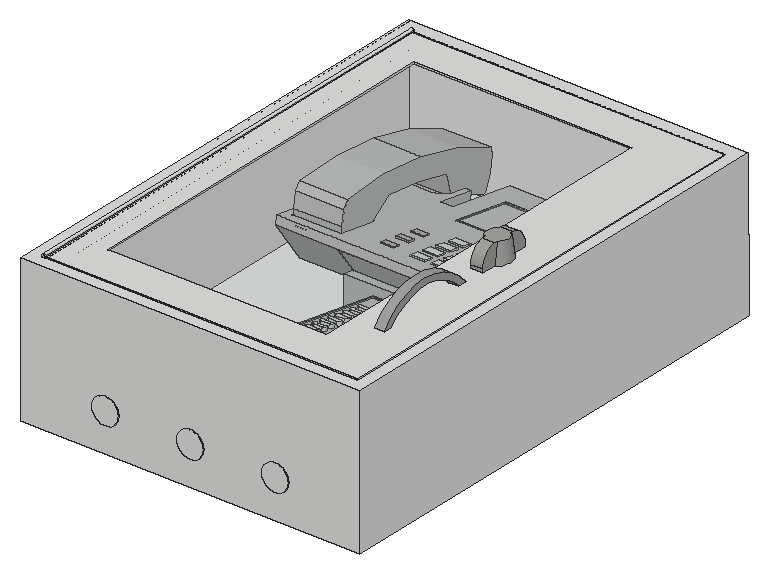
Revit family "Electronics_Communication_Talkaphone_AOR-40-Station-IP-Command-Unit", category Telephone Devices, host Face, Revit 2020
Family settings
  Host = Face
  Maintain Annotation Orientation = No
  Round Connector Dimension = Use Diameter
  Part Type = Normal
  OmniClass Number = 23.37.27.17
  OmniClass Title = Emergency Call Equipment
  Cut with Voids When Loaded = No
  Shared = No
  Room Calculation Point = No
Parameters (values of type "40-Station IP Command Unit")
  Wiring = "Minimum Cat5e. If required, fire resistive CI/CIC Ethernet cable is supported."
  Width = 14"  # constant formula
  Warranty = "5-year limited warranty"
  Voltage = 120 V  # constant formula
  Visible Door [instance] = yes
  URL = "https://www.talkaphone.com/"
  Supervision Relay = "IP Supervisor (Model AOR-IP-SUP) provides an SPST (Form 1A) output. UPS Supervisor (Model AOR-IP-UPS-SUP) provides a DPDT (Form C) output."
  Programming = "Programming and configuration through a web browser (web GUI). All programming is stored on non-volatile flash memory."
  Product data url = "https://www.bimobject.com/talkaphone/product/aor-ip-40-cu_area-of-rescue-40-station-ip-command-unit"
  Product Material = Talkaphone - Steel - White
  Product Guid = "cb99b68e-e792-4a18-9bf6-7365140e285c"
  Power Source = "120VAC, 65W. IP Command Unit, IP Supervisor, and UPS Supervisor receive power from external UPS (120VAC)."
  Power Factor = 1
  Number of Poles = 1
  Mounting = "Flush mount with optional trim ring or surface mount"
  Model = "AOR-IP-40-CU"
  Manufacturer = "Talkaphone"  # constant formula
  Keynote = "27 30 00"
  Height = 20"  # constant formula
  Fault Monitoring = "IP Supervisor (Model AOR-IP-SUP) automatically and continuously monitors for network pathway integrity for the AOR IP Stations and IP Command Unit(s). UPS Supervisor (Model AOR-IP-UPS-SUP) automatically and continuously monitors the primary power source being supplied to the uninterruptible power supply (UPS) for an IP Supervisor and either an IP Command Unit or an IP Auxiliary Command Unit."
  Environment = "For indoor use"
  Edition number = 1
  Description = "THE AOR-IP SERIES IS AN IP-BASED SYSTEM ACCOMMODATING UP TO 40 ADA-COMPLIANT AREA OF RESCUE IP CALL STATIONS. THE SYSTEM OFFERS CAPABILITY FOR MULTIPLE IP COMMAND UNITS, ON-AND OFF-PREMISE COMMUNICATION, AND IP NETWORK SUPERVISION."
  Depth = 6"  # constant formula
  Default Elevation = 48"
  Construction = "18 gauge, painted steel enclosure with acrylic window"
  Connectivity = "Supports up to two (2) analog trunk (PSTN) lines or up to fifty (50) SIP trunk accounts (requires SIP service and Internet connectivity provided by others) for off-site communication"
  Connection = "RJ45 Ethernet"
  Communication = "IP Command Unit receives and selectively originates calls through built-in IP phone—providing an LCD and keys with LEDs to indicate IP Call Station line status (i.e. idle, ringing, or busy)."
  Call Station Options = "Indoor Flush Mount Model: AOR-IP-CSE-FM, Indoor Surface Mount Model: AOR-IP-CSE-SM"
  Assembly Code = "D5030300"
  Apparent Load = 0 VA
  AC Input Rating = "90 ~ 264 VAC, 50-60 Hz, 65W"
Reference planes (in)
  plane 1 "Center (Front/Back)": y = 0
  plane 2: z = 0
  plane 3 "Center (Left/Right)": x = 0
Forms (in)
  Extrusion 1, solid, material "Talkaphone - Steel - White" <- "Product Material"
    sketch origin (0, 0, 0) x (1, 0, 0) y (0, 0, 1)
      loop
        line (-6.952, 0) -> (6.952, 0) -> (6.952, 0.59572) -> (-6.952, 0.59572) -> (-6.952, 0)
    from -9.952 to 9.952
  Extrusion 2, solid, material "Talkaphone - Steel - White" <- "Product Material", detail levels medium+fine
    sketch origin (0, 1, 0) x (1, 0, 0) y (0, 0, 1)
      loop
        circle (-6.44306, 6.05393) r 0.05694
    from -8.5 to 10.5
  Sweep 3, solid, material "Talkaphone - Steel - White" <- "Product Material"
    path origin (0, 0, 0) x (1, 0, 0) y (0, 1, 0)
      loop
        line (-7, 10) -> (-7, -10) -> (7, -10) -> (7, 10) -> (-7, 10)
    profile origin (0, 10, 0) x (0, 1, 0) y (0, 0, 1)
      loop
        line (-0.5, 5.503) -> (-0.452, 5.503) -> (-0.452, 5.955) -> (-0.048, 5.955) -> (-0.048, 0) -> (0, 0) -> (0, 6.003) -> (-0.5, 6.003) -> (-0.5, 5.503)
  Extrusion 4, solid, material "Talkaphone - Steel - White" <- "Product Material"
    sketch origin (0, 0, 0) x (1, 0, 0) y (0, 1, 0)
      loop
        line (6.952, 6.825) -> (5.75, 6.825) -> (5.75, 3.875) -> (6.25523, 3.875) -> (6.25523, 3.325) -> (6.952, 3.325) -> (6.952, 6.825)
    from 1.25 to 3.75
  Extrusion 5, solid, material "Talkaphone - Steel - White" <- "Product Material"
    sketch origin (0, 0, 0) x (1, 0, 0) y (0, 0, 1)
      loop
        line (5.998, 5.421) -> (5.998, 5.373) -> (6.548, 5.373) -> (6.548, 5.503) -> (6.5, 5.503) -> (6.5, 5.421) -> (5.998, 5.421)
    from -9.495 to 9.495
  Extrusion 6, solid, material "Talkaphone - Steel - White" <- "Product Material"
    sketch origin (0, 0, 0) x (1, 0, 0) y (0, 0, 1)
      loop
        circle (-3.5, 1.578) r 0.54578
      loop
        circle (0, 1.578) r 0.54578
      loop
        circle (3.5, 1.578) r 0.54578
    from 9.952 to 10
  Extrusion 7, solid, material "Talkaphone - Steel - White" <- "Product Material"
    sketch origin (0, 0, 0) x (1, 0, 0) y (0, 1, 0)
      loop
        circle (-3.5, -6.00315) r 0.54578
      loop
        circle (0, -6.00315) r 0.54578
      loop
        circle (3.5, -6.00315) r 0.54578
    from 0 to 0.048
  Extrusion 8, solid, material "Talkaphone - Plastic - Clear plastic", visible <- "Visible Door"
    sketch origin (0, 0, 0) x (1, 0, 0) y (0, 1, 0)
      loop
        line (-5.76112, 8.8125) -> (-5.76112, -8.6875) -> (4.48888, -8.6875) -> (4.48888, 8.8125) -> (-5.76112, 8.8125)
    from 5.95598 to 5.86672
  Extrusion 9, solid, material "Talkaphone - Steel - White" <- "Product Material", visible <- "Visible Door"
    sketch origin (0, 0, 0) x (1, 0, 0) y (0, 1, 0)
      loop
        line (-6.33812, -9.3895) -> (6.41588, -9.3895) -> (6.41588, 9.3895) -> (-6.33812, 9.3895) -> (-6.33812, -9.3895)
      loop
        line (-5.13612, 7.9375) -> (-5.13612, -7.8125) -> (3.86388, -7.8125) -> (3.86388, 7.9375) -> (-5.13612, 7.9375)
    from 6.00398 to 5.95598
  Sweep 10, solid, material "Talkaphone - Steel - White" <- "Product Material", visible <- "Visible Door"
    path origin (0, 0, 0) x (1, 0, 0) y (0, 1, 0)
      loop
        line (-6.38612, 9.4375) -> (-6.38612, -9.4375) -> (6.46388, -9.4375) -> (6.46388, 9.4375) -> (-6.38612, 9.4375)
    profile origin (0.03888, 9.4375, 0) x (0, 1, 0) y (0, 0, 1)
      loop
        line (0, 5.50398) -> (0, 6.00398) -> (-0.048, 6.00398) -> (-0.048, 5.50398) -> (0, 5.50398)
  Revolve 11, solid, material "Talkaphone - Plastic - Grey_RAL 9007", visible <- "Visible Door", detail levels fine
    sketch origin (4.97748, 0.00002, 0.00204) x (0, 1, 0) y (0, 0, 1)
      loop
        line (-0.375, 6.83745) -> (-0.375, 4.94278) -> (-0.15059, 4.94278) -> (-0.15059, 5.1398) -> (-0.00098, 5.1398) -> (-0.00098, 6.00398) -> (0.16657, 6.00398) -> (0.06842, 6.83745) -> (-0.375, 6.83745)
      axis (-0.375, 4.94278) -> (-0.375, 6.83745)
    angle from 0 to 360
  Extrusion 12, solid, material "Talkaphone - Plastic - Grey_RAL 9007", visible <- "Visible Door", detail levels fine
    sketch origin (0, -2.95536, 0.00204) x (0, 1, 0) y (0, 0, 1)
      loop
        line (1.48978, 6.00398) -> (3.67097, 6.00398) -> (3.67097, 6.12912)
        arc (3.67097, 6.12912) -> (3.48481, 6.60885) -> (3.0238, 6.83745) r 0.71121
        line (3.0238, 6.83745) -> (2.13696, 6.83745)
        arc (2.13696, 6.83745) -> (1.67594, 6.60885) -> (1.48978, 6.12912) r 0.71121
        line (1.48978, 6.12912) -> (1.48978, 6.00398)
    from 4.7338 to 5.22872
  Extrusion 13, solid, material "Talkaphone - Plastic - Grey_RAL 9007", visible <- "Visible Door", detail levels fine
    sketch origin (-13.3426, -62.95536, 6.00601) x (-1, 0, 0) y (0, -1, 0)
      loop
        line (-20.10977, -62.98386) -> (-18.68983, -62.98386) -> (-18.29142, -62.95329)
        arc (-18.29142, -62.95329) -> (-17.94606, -62.58036) -> (-18.29146, -62.20746) r 0.37402
        line (-18.29146, -62.20746) -> (-18.68983, -62.17689) -> (-20.10977, -62.17689) -> (-20.10977, -62.98386)
    from -0.86417 to -0.70669
  Extrusion 14, solid, material "Talkaphone - Plastic - Grey_RAL 9007", visible <- "Visible Door", detail levels fine
    sketch origin (0, -2.95536, 0.00204) x (0, 1, 0) y (0, 0, 1)
      loop
        line (-3.50691, 6.00194) -> (-3.17594, 6.00194)
        arc (-3.17594, 6.00194) -> (-1.42923, 6.80339) -> (0.31747, 6.00194) r 2.30414
        line (0.31747, 6.00194) -> (0.64844, 6.00194)
        arc (0.64844, 6.00194) -> (-1.42923, 7.06339) -> (-3.50691, 6.00194) r 2.56414
    from 4.78629 to 5.18536
Cuts and joins
  joined: Extrusion 9, Sweep 10
  joined: Revolve 11, Extrusion 12
  joined: Extrusion 1, Sweep 3
Lines and regions (in)
  Masking region 1
    outline origin (0, 0, 0) x (1, 0, 0) y (0, 0, 1)
      loop
        line (-7, 6.003) -> (-7, 0) -> (7, 0) -> (7, 6.003) -> (-7, 6.003)
  Masking region 2, visible <- "Visible Door", detail levels medium+fine
    outline origin (0, 0, 0) x (1, 0, 0) y (0, 0, 1)
      loop
        line (4.78629, 6.003) -> (5.18536, 6.003) -> (5.18536, 7.06339) -> (4.78629, 7.06339) -> (4.78629, 6.003)
  Masking region 3, visible <- "Visible Door", detail levels medium+fine
    outline origin (0, 0, 0) x (1, 0, 0) y (0, 0, 1)
      loop
        line (4.78629, 6.83858) -> (4.53475, 6.83858) -> (4.4249, 6.003) -> (4.78629, 6.003) -> (4.78629, 6.83858)
      loop
        line (5.18536, 6.83858) -> (5.18536, 6.003) -> (5.54441, 6.003) -> (5.43456, 6.83858) -> (5.18536, 6.83858)
  model lines
    curve 1: line (-6.50154, 0, 6.05393) -> (-6.38612, 0, 6.05393)
    curve 2: line (-6.44383, 0, 5.997) -> (-6.44383, 0, 6.11087)
Dimensions and locks (in)
  aligned and locked: plane 2 to host face
  aligned and locked: level to host face
Nested families (in)
  nested 1: "Panel" at (2.00219, -4.73419, 0.59572), type "Panel"
    with Screen material Talkaphone - Plastic - Clear plastic, Panel box material Talkaphone - Plastic - Grey_RAL 9006, Key 2 material Talkaphone - Plastic - Grey_RAL 9007, Key 1 material Talkaphone - Plastic - Grey_RAL 7035, Frame material Talkaphone - Plastic - Grey_RAL 9006
  nested 2: "Phone" at (-0.09398, 4.63829, 0.59572), type "Phone"
    with Screen material Talkaphone - Plastic - Clear plastic, Phone material Talkaphone - Plastic - Grey_RAL 9006, Key 2 material Talkaphone - Plastic - Grey_RAL 9007, Key 1 material Talkaphone - Plastic - Grey_RAL 7035
Connectors (in)
  electrical at (0.59055, 3.33052, 0.59572)
    settings: on nested 2, index 1, voltage 0 V, apparent load 0 VA, apparent load phase1 0 VA, apparent load phase2 0 VA, apparent load phase3 0 VA, power factor 1, load classification "Other", number of poles 1, system type 14, power factor state 1, is connector primary no, connector utility no, sub classification motor no, connector description "Communication Connector"
  electrical at (0, 0, 0), driven by "Apparent Load", driven by "Apparent Load", driven by "Apparent Load", driven by "Number of Poles", driven by "Voltage", driven by "Power Factor"
    settings: on cut or joined group of Extrusion 1, Sweep 3, index 2, voltage 120 V, apparent load 0 VA, apparent load phase1 0 VA, apparent load phase2 0 VA, apparent load phase3 0 VA, power factor 1, load classification "Power", number of poles 1, system type 31, power factor state 1, is connector primary yes, connector utility no, sub classification motor no, connector description "Power Connector"
Definition of nested family "Panel"
  Parameters (values of type "Panel")
    Screen material [instance] = none
    Panel box material [instance] = none
    Key 2 material [instance] = none
    Key 1 material [instance] = none
    Frame material [instance] = none
    Default Elevation = 48"
  Reference planes (in)
    plane 1 "Center (Front/Back)": y = 0
    plane 2: z = 0
    plane 3 "Center (Left/Right)": x = 0
  Forms (in)
    Extrusion 1, solid, material <- "Panel box material", detail levels medium+fine
      sketch origin (-15.87299, 8.07746, -6.96779) x (1, 0, 0) y (0, 0.985055, -0.17224)
        loop
          line (18.33362, -4.83883) -> (13.41236, -4.83883) -> (13.41236, -13.10654) -> (18.33362, -13.10654) -> (18.33362, -4.83883)
      from 7.83742 to 8.17526
    Blend 2, solid, material <- "Panel box material", detail levels medium+fine
      base sketch origin (-15.87299, 8.07746, -6.96779) x (1, 0, 0) y (0, 0.985055, -0.17224)
        loop
          line (14.39661, -5.82308) -> (14.39661, -12.12229) -> (17.34937, -12.12229) -> (17.34937, -5.82308) -> (14.39661, -5.82308)
      top sketch origin (-15.87299, 8.07746, -6.96779) x (1, 0, 0) y (0, 0.985055, -0.17224)
        loop
          line (18.33362, -4.83883) -> (13.41236, -4.83883) -> (13.41236, -13.10654) -> (18.33362, -13.10654) -> (18.33362, -4.83883)
      from 6.85997 to 7.83742
    Extrusion 3, void
      sketch origin (-15.87299, 8.07746, -6.96779) x (1, 0, 0) y (0, 0.985055, -0.17224)
        loop
          line (13.47142, -10.73521) -> (18.27457, -10.73521) -> (18.27457, -4.90844) -> (13.47142, -4.90844) -> (13.47142, -10.73521)
      from 8.13715 to 8.26759
    Extrusion 4, solid, material <- "Key 2 material", detail levels fine
      sketch origin (-15.87299, 8.07746, -6.96779) x (1, 0, 0) y (0, 0.985055, -0.17224)
        loop
          line (15.51118, -11.5908) -> (15.21118, -11.5908)
          arc (15.21118, -11.5908) -> (15.0537, -11.74828) -> (15.21118, -11.90576) r 0.15748
          line (15.21118, -11.90576) -> (15.51118, -11.90576)
          arc (15.51118, -11.90576) -> (15.66866, -11.74828) -> (15.51118, -11.5908) r 0.15748
        loop
          line (16.2348, -11.90576) -> (16.5348, -11.90576)
          arc (16.5348, -11.90576) -> (16.69228, -11.74828) -> (16.5348, -11.5908) r 0.15748
          line (16.5348, -11.5908) -> (16.2348, -11.5908)
          arc (16.2348, -11.5908) -> (16.07732, -11.74828) -> (16.2348, -11.90576) r 0.15748
      from 8.17652 to 8.30152
    Extrusion 5, void
      sketch origin (-15.87299, 8.07746, -6.96779) x (1, 0, 0) y (0, 0.985055, -0.17224)
        loop
          line (14.79031, -6.13804) -> (14.79031, -9.91773) -> (16.95567, -9.91773) -> (16.95567, -6.13804) -> (14.79031, -6.13804)
      from 8.11672 to 8.26215
    Extrusion 6, solid, material <- "Frame material", detail levels medium+fine
      sketch origin (-15.87299, 8.07746, -6.96779) x (1, 0, 0) y (0, 0.985055, -0.17224)
        loop
          line (14.74799, -11.40454) -> (16.99799, -11.40454) -> (16.99799, -8.40454) -> (14.74799, -8.40454) -> (14.74799, -11.40454)
        loop
          line (18.37299, -13.07654) -> (18.37299, -10.32654) -> (17.49799, -10.32654) -> (17.49799, -10.15559) -> (17.44999, -10.15559) -> (17.44999, -5.65454) -> (14.29599, -5.65454) -> (14.29599, -10.15559) -> (14.24799, -10.15559) -> (14.24799, -10.32654) -> (13.37299, -10.32654) -> (13.37299, -13.07654) -> (18.37299, -13.07654)
      from 6.80962 to 6.85762
    Extrusion 7, solid, material <- "Frame material", detail levels medium+fine
      sketch origin (-15.87299, 8.07746, -6.96779) x (0, 0.985055, -0.17224) y (0, 0.17224, 0.985055)
        loop
          line (-13.15454, 8.30962) -> (-13.15454, 6.80962) -> (-13.10654, 6.80962) -> (-13.10654, 8.26162) -> (-12.27954, 8.26162) -> (-12.27954, 8.30962) -> (-13.15454, 8.30962)
      from 14.24799 to 17.49799
    Extrusion 8, void
      sketch origin (-15.87299, 8.07746, -6.96779) x (1, 0, 0) y (0, 0.985055, -0.17224)
        loop
          line (14.20562, -12.91373) -> (14.88988, -12.22946) -> (16.8561, -12.22946) -> (17.55207, -12.92543) -> (17.55207, -12.13803) -> (14.20562, -12.13803) -> (14.20562, -12.91373)
      from 8.22357 to 8.34912
    Extrusion 9, solid, material <- "Frame material", detail levels medium+fine
      sketch origin (15.87299, 8.07746, -6.96779) x (-1, 0, 0) y (0, -0.17224, -0.985055)
        loop
          line (18.42099, -8.05962) -> (18.42099, -6.80962) -> (18.37299, -6.80962) -> (18.37299, -8.05962) -> (18.42099, -8.05962)
      from 13.07654 to 10.32654
    Extrusion 10, solid, material <- "Key 1 material", detail levels fine
      sketch origin (-15.87299, 8.07896, -6.96826) x (1, 0, 0) y (0, 0.985049, -0.172273)
        loop
          line (14.21728, -5.97898) -> (13.86728, -5.97898)
          arc (13.86728, -5.97898) -> (13.76728, -6.07898) -> (13.86728, -6.17898) r 0.1
          line (13.86728, -6.17898) -> (14.21728, -6.17898)
          arc (14.21728, -6.17898) -> (14.31728, -6.07898) -> (14.21728, -5.97898) r 0.1
        loop
          line (14.21728, -6.37269) -> (13.86728, -6.37269)
          arc (13.86728, -6.37269) -> (13.76728, -6.47269) -> (13.86728, -6.57269) r 0.1
          line (13.86728, -6.57269) -> (14.21728, -6.57269)
          arc (14.21728, -6.57269) -> (14.31728, -6.47269) -> (14.21728, -6.37269) r 0.1
        loop
          line (14.21728, -6.76639) -> (13.86728, -6.76639)
          arc (13.86728, -6.76639) -> (13.76728, -6.86639) -> (13.86728, -6.96639) r 0.1
          line (13.86728, -6.96639) -> (14.21728, -6.96639)
          arc (14.21728, -6.96639) -> (14.31728, -6.86639) -> (14.21728, -6.76639) r 0.1
        loop
          line (14.21728, -7.16009) -> (13.86728, -7.16009)
          arc (13.86728, -7.16009) -> (13.76728, -7.26009) -> (13.86728, -7.36009) r 0.1
          line (13.86728, -7.36009) -> (14.21728, -7.36009)
          arc (14.21728, -7.36009) -> (14.31728, -7.26009) -> (14.21728, -7.16009) r 0.1
        loop
          line (14.21728, -7.55379) -> (13.86728, -7.55379)
          arc (13.86728, -7.55379) -> (13.76728, -7.65379) -> (13.86728, -7.75379) r 0.1
          line (13.86728, -7.75379) -> (14.21728, -7.75379)
          arc (14.21728, -7.75379) -> (14.31728, -7.65379) -> (14.21728, -7.55379) r 0.1
        loop
          line (14.21728, -7.94749) -> (13.86728, -7.94749)
          arc (13.86728, -7.94749) -> (13.76728, -8.04749) -> (13.86728, -8.14749) r 0.1
          line (13.86728, -8.14749) -> (14.21728, -8.14749)
          arc (14.21728, -8.14749) -> (14.31728, -8.04749) -> (14.21728, -7.94749) r 0.1
        loop
          line (14.21728, -8.34119) -> (13.86728, -8.34119)
          arc (13.86728, -8.34119) -> (13.76728, -8.44119) -> (13.86728, -8.54119) r 0.1
          line (13.86728, -8.54119) -> (14.21728, -8.54119)
          arc (14.21728, -8.54119) -> (14.31728, -8.44119) -> (14.21728, -8.34119) r 0.1
        loop
          line (14.21728, -8.73489) -> (13.86728, -8.73489)
          arc (13.86728, -8.73489) -> (13.76728, -8.83489) -> (13.86728, -8.93489) r 0.1
          line (13.86728, -8.93489) -> (14.21728, -8.93489)
          arc (14.21728, -8.93489) -> (14.31728, -8.83489) -> (14.21728, -8.73489) r 0.1
        loop
          line (14.21728, -9.12859) -> (13.86728, -9.12859)
          arc (13.86728, -9.12859) -> (13.76728, -9.22859) -> (13.86728, -9.32859) r 0.1
          line (13.86728, -9.32859) -> (14.21728, -9.32859)
          arc (14.21728, -9.32859) -> (14.31728, -9.22859) -> (14.21728, -9.12859) r 0.1
        loop
          line (14.21728, -9.52229) -> (13.86728, -9.52229)
          arc (13.86728, -9.52229) -> (13.76728, -9.62229) -> (13.86728, -9.72229) r 0.1
          line (13.86728, -9.72229) -> (14.21728, -9.72229)
          arc (14.21728, -9.72229) -> (14.31728, -9.62229) -> (14.21728, -9.52229) r 0.1
        loop
          line (17.86999, -5.97898) -> (17.51999, -5.97898)
          arc (17.51999, -5.97898) -> (17.41999, -6.07898) -> (17.51999, -6.17898) r 0.1
          line (17.51999, -6.17898) -> (17.86999, -6.17898)
          arc (17.86999, -6.17898) -> (17.96999, -6.07898) -> (17.86999, -5.97898) r 0.1
        loop
          line (17.86999, -6.37269) -> (17.51999, -6.37269)
          arc (17.51999, -6.37269) -> (17.41999, -6.47269) -> (17.51999, -6.57269) r 0.1
          line (17.51999, -6.57269) -> (17.86999, -6.57269)
          arc (17.86999, -6.57269) -> (17.96999, -6.47269) -> (17.86999, -6.37269) r 0.1
        loop
          line (17.86999, -6.76639) -> (17.51999, -6.76639)
          arc (17.51999, -6.76639) -> (17.41999, -6.86639) -> (17.51999, -6.96639) r 0.1
          line (17.51999, -6.96639) -> (17.86999, -6.96639)
          arc (17.86999, -6.96639) -> (17.96999, -6.86639) -> (17.86999, -6.76639) r 0.1
        loop
          line (17.86999, -7.16009) -> (17.51999, -7.16009)
          arc (17.51999, -7.16009) -> (17.41999, -7.26009) -> (17.51999, -7.36009) r 0.1
          line (17.51999, -7.36009) -> (17.86999, -7.36009)
          arc (17.86999, -7.36009) -> (17.96999, -7.26009) -> (17.86999, -7.16009) r 0.1
        loop
          line (17.86999, -7.55379) -> (17.51999, -7.55379)
          arc (17.51999, -7.55379) -> (17.41999, -7.65379) -> (17.51999, -7.75379) r 0.1
          line (17.51999, -7.75379) -> (17.86999, -7.75379)
          arc (17.86999, -7.75379) -> (17.96999, -7.65379) -> (17.86999, -7.55379) r 0.1
        loop
          line (17.86999, -7.94749) -> (17.51999, -7.94749)
          arc (17.51999, -7.94749) -> (17.41999, -8.04749) -> (17.51999, -8.14749) r 0.1
          line (17.51999, -8.14749) -> (17.86999, -8.14749)
          arc (17.86999, -8.14749) -> (17.96999, -8.04749) -> (17.86999, -7.94749) r 0.1
        loop
          line (17.86999, -8.34119) -> (17.51999, -8.34119)
          arc (17.51999, -8.34119) -> (17.41999, -8.44119) -> (17.51999, -8.54119) r 0.1
          line (17.51999, -8.54119) -> (17.86999, -8.54119)
          arc (17.86999, -8.54119) -> (17.96999, -8.44119) -> (17.86999, -8.34119) r 0.1
        loop
          line (17.86999, -8.73489) -> (17.51999, -8.73489)
          arc (17.51999, -8.73489) -> (17.41999, -8.83489) -> (17.51999, -8.93489) r 0.1
          line (17.51999, -8.93489) -> (17.86999, -8.93489)
          arc (17.86999, -8.93489) -> (17.96999, -8.83489) -> (17.86999, -8.73489) r 0.1
        loop
          line (17.86999, -9.12859) -> (17.51999, -9.12859)
          arc (17.51999, -9.12859) -> (17.41999, -9.22859) -> (17.51999, -9.32859) r 0.1
          line (17.51999, -9.32859) -> (17.86999, -9.32859)
          arc (17.86999, -9.32859) -> (17.96999, -9.22859) -> (17.86999, -9.12859) r 0.1
        loop
          line (17.86999, -9.52229) -> (17.51999, -9.52229)
          arc (17.51999, -9.52229) -> (17.41999, -9.62229) -> (17.51999, -9.72229) r 0.1
          line (17.51999, -9.72229) -> (17.86999, -9.72229)
          arc (17.86999, -9.72229) -> (17.96999, -9.62229) -> (17.86999, -9.52229) r 0.1
      from 8.13715 to 8.26215
    Extrusion 11, solid, material <- "Frame material", detail levels medium+fine
      sketch origin (0, 0, 0) x (1, 0, 0) y (0, 0, 1)
        loop
          line (1.577, 0.048) -> (1.577, 0) -> (2.452, 0) -> (2.452, 0.048) -> (1.577, 0.048)
      from -3.56386 to 1.00547
    Extrusion 12, solid, material <- "Frame material", detail levels medium+fine
      sketch origin (0, 0, 0) x (-1, 0, 0) y (0, 0, -1)
        loop
          line (1.577, -0.048) -> (2.452, -0.048) -> (2.452, 0) -> (1.577, 0) -> (1.577, -0.048)
      from -3.56386 to 1.00547
    Extrusion 13, solid, material <- "Frame material", detail levels medium+fine
      sketch origin (-15.87299, 8.07746, -6.96779) x (1, 0, 0) y (0, 0.17224, 0.985055)
        loop
          line (18.42099, 8.05962) -> (18.37299, 8.05962) -> (18.37299, 6.80962) -> (18.42099, 6.80962) -> (18.42099, 8.05962)
      from 13.07654 to 10.32654
    Extrusion 14, solid, material <- "Frame material", detail levels medium+fine
      sketch origin (0, 0, 0) x (0, 1, 0) y (0, 0, 1)
        loop
          line (-1.00547, 0.048) -> (3.56386, 0.048) -> (3.68858, 0.76128) -> (-0.74519, 1.53654) -> (-1.00547, 0.048)
      from 1.577 to 1.625
    Extrusion 15, solid, material <- "Frame material", detail levels medium+fine
      sketch origin (0, 0, 0) x (0, 1, 0) y (0, 0, -1)
        loop
          line (-1.00547, -0.048) -> (-0.74519, -1.53654) -> (3.68858, -0.76128) -> (3.56386, -0.048) -> (-1.00547, -0.048)
      from 1.577 to 1.625
  Cuts and joins
    Extrusion 3, Extrusion 5 cuts Extrusion 1
    Extrusion 8 cuts Extrusion 7
    joined: Extrusion 6, Extrusion 9, Extrusion 11, Extrusion 12, Extrusion 13, Extrusion 14, Extrusion 15
  Dimensions and locks (in)
    aligned and locked: level to plane 2
Definition of nested family "Phone"
  Parameters (values of type "Phone")
    Screen material [instance] = none
    Phone material [instance] = none
    Key 2 material [instance] = none
    Key 1 material [instance] = none
    Default Elevation = 48"
  Reference planes (in)
    plane 1 "Center (Front/Back)": y = 0
    plane 2: z = 0
    plane 3 "Center (Left/Right)": x = 0
  Forms (in)
    Extrusion 1, solid, material <- "Phone material", detail levels medium+fine
      sketch origin (-13.77953, -1.31127, -6.97425) x (1, 0, 0) y (0, 0.984795, -0.173718)
        loop
          line (18.05118, 3.79819) -> (12.06693, 3.79819) -> (12.06693, 0.84543) -> (11.55512, 0.84543) -> (11.55512, 2.42024) -> (11.29606, 2.42024) -> (11.29606, 1.73913)
          arc (11.29606, 1.73913) -> (11.14962, 1.38558) -> (10.79606, 1.23913) r 0.5
          line (10.79606, 1.23913) -> (9.79606, 1.23913)
          arc (9.79606, 1.23913) -> (9.44251, 1.38558) -> (9.29606, 1.73913) r 0.5
          line (9.29606, 1.73913) -> (9.29606, 2.42199) -> (8.99606, 2.42199) -> (8.99606, -4.46953) -> (18.56299, -4.46953) -> (18.56299, 0.84543) -> (18.05118, 0.84543) -> (18.05118, 3.79819)
        loop
          line (9.29606, -2.30417) -> (9.29606, -4.07583) -> (11.29606, -4.07583) -> (11.29606, -2.30417) -> (9.29606, -2.30417)
      from 9.08241 to 9.4559
    Blend 2, solid, material <- "Phone material", detail levels medium+fine
      base sketch origin (-13.77953, -1.31127, -6.97425) x (1, 0, 0) y (0, 0.984795, -0.173718)
        loop
          line (13.01693, 2.84819) -> (13.01693, 0.84543) -> (17.10118, 0.84543) -> (17.10118, 2.84819) -> (13.01693, 2.84819)
      top sketch origin (-13.77953, -1.31127, -6.97425) x (1, 0, 0) y (0, 0.984795, -0.173718)
        loop
          line (18.05118, 3.79819) -> (12.06693, 3.79819) -> (12.06693, 0.84543) -> (18.05118, 0.84543) -> (18.05118, 3.79819)
      from 8.13395 to 9.08241
    Blend 3, solid, material <- "Phone material", detail levels medium+fine
      base sketch origin (-13.77953, -1.31127, -6.97425) x (1, 0, 0) y (0, 0.984795, -0.173718)
        loop
          line (17.61299, -3.52071) -> (17.61299, 0.84543) -> (11.55512, 0.84543) -> (11.55512, -3.52071) -> (17.61299, -3.52071)
      top sketch origin (-13.77953, -1.31127, -6.97425) x (1, 0, 0) y (0, 0.984795, -0.173718)
        loop
          line (18.56299, 0.84543) -> (11.55512, 0.84543) -> (11.55512, -4.46953) -> (18.56299, -4.46953) -> (18.56299, 0.84543)
      from 8.13395 to 9.08241
    Blend 4, solid, material <- "Phone material", detail levels medium+fine
      base sketch origin (-13.77953, -1.31127, -6.97425) x (1, 0, 0) y (0, 0.984795, -0.173718)
        loop
          line (8.99606, 0.92024) -> (8.99606, -2.96953) -> (11.55512, -2.96953) -> (11.55512, 0.92024) -> (8.99606, 0.92024)
      top sketch origin (-13.77953, -1.31127, -6.97425) x (1, 0, 0) y (0, 0.984795, -0.173718)
        loop
          line (8.99606, -4.46953) -> (11.55512, -4.46953) -> (11.55512, 2.42199) -> (8.99606, 2.42199) -> (8.99606, -4.46953)
      from 7.57698 to 9.08241
    Extrusion 5, solid, material <- "Key 1 material", detail levels fine
      sketch origin (-13.77953, -1.31127, -6.97425) x (1, 0, 0) y (0, 0.984795, -0.173718)
        loop
          line (14.48819, -1.31992) -> (13.89764, -1.31992) -> (13.89764, -1.71362) -> (14.48819, -1.71362) -> (14.48819, -1.31992)
        loop
          line (14.48819, -1.98921) -> (13.89764, -1.98921) -> (13.89764, -2.38291) -> (14.48819, -2.38291) -> (14.48819, -1.98921)
        loop
          line (14.48819, -2.6585) -> (13.89764, -2.6585) -> (13.89764, -3.0522) -> (14.48819, -3.0522) -> (14.48819, -2.6585)
        loop
          line (14.48819, -3.32779) -> (13.89764, -3.32779) -> (13.89764, -3.7215) -> (14.48819, -3.7215) -> (14.48819, -3.32779)
        loop
          line (14.76378, -3.7215) -> (15.35433, -3.7215) -> (15.35433, -3.32779) -> (14.76378, -3.32779) -> (14.76378, -3.7215)
        loop
          line (14.76378, -3.0522) -> (15.35433, -3.0522) -> (15.35433, -2.6585) -> (14.76378, -2.6585) -> (14.76378, -3.0522)
        loop
          line (14.76378, -2.38291) -> (15.35433, -2.38291) -> (15.35433, -1.98921) -> (14.76378, -1.98921) -> (14.76378, -2.38291)
        loop
          line (14.76378, -1.71362) -> (15.35433, -1.71362) -> (15.35433, -1.31992) -> (14.76378, -1.31992) -> (14.76378, -1.71362)
        loop
          line (16.22047, -1.31992) -> (15.62992, -1.31992) -> (15.62992, -1.71362) -> (16.22047, -1.71362) -> (16.22047, -1.31992)
        loop
          line (16.22047, -1.98921) -> (15.62992, -1.98921) -> (15.62992, -2.38291) -> (16.22047, -2.38291) -> (16.22047, -1.98921)
        loop
          line (16.22047, -2.6585) -> (15.62992, -2.6585) -> (15.62992, -3.0522) -> (16.22047, -3.0522) -> (16.22047, -2.6585)
        loop
          line (16.22047, -3.32779) -> (15.62992, -3.32779) -> (15.62992, -3.7215) -> (16.22047, -3.7215) -> (16.22047, -3.32779)
      from 9.4559 to 9.50114
    Extrusion 6, solid, material <- "Key 2 material", detail levels fine
      sketch origin (-13.77953, -1.31127, -6.97425) x (1, 0, 0) y (0, 0.984795, -0.173718)
        loop
          line (13.13976, -1.77268) -> (12.60827, -1.77268) -> (12.60827, -2.04827) -> (13.13976, -2.04827) -> (13.13976, -1.77268)
        loop
          line (13.13976, -2.56008) -> (12.60827, -2.56008) -> (12.60827, -2.83567) -> (13.13976, -2.83567) -> (13.13976, -2.56008)
        loop
          line (13.13976, -3.34748) -> (12.60827, -3.34748) -> (12.60827, -3.62307) -> (13.13976, -3.62307) -> (13.13976, -3.34748)
        loop
          line (17.47047, -1.77268) -> (16.93898, -1.77268) -> (16.93898, -2.04827) -> (17.47047, -2.04827) -> (17.47047, -1.77268)
        loop
          line (17.47047, -2.56008) -> (16.93898, -2.56008) -> (16.93898, -2.83567) -> (17.47047, -2.83567) -> (17.47047, -2.56008)
        loop
          line (17.47047, -3.34748) -> (16.93898, -3.34748) -> (16.93898, -3.62307) -> (17.47047, -3.62307) -> (17.47047, -3.34748)
      from 9.4559 to 9.50114
    Extrusion 7, void
      sketch origin (-13.77953, -1.31127, -6.97425) x (1, 0, 0) y (0, 0.984795, -0.173718)
        loop
          line (12.87368, 2.55903) -> (12.87368, -0.05003) -> (17.25439, -0.05003) -> (17.25439, 2.55903) -> (12.87368, 2.55903)
      from 9.40403 to 9.50114
    Extrusion 8, solid, material <- "Phone material", detail levels medium+fine
      sketch origin (-13.77953, -1.31127, -6.97425) x (0, 0.984795, -0.173718) y (0, 0.173718, 0.984795)
        loop
          arc (-0.13288, 11.17075) -> (-2.02473, 11.01801) -> (-3.87117, 10.57866) r 12.41369
          line (-3.87117, 10.57866) -> (-4.01795, 10.26389) -> (-4.01795, 9.6551) -> (-3.91038, 9.10171)
          arc (-3.91038, 9.10171) -> (-3.84693, 9.00856) -> (-3.73575, 8.99006) r 0.14338
          line (-3.73575, 8.99006) -> (-2.51867, 9.28666) -> (-1.66022, 10.20723)
          arc (-1.66022, 10.20723) -> (-0.8981, 10.28019) -> (-0.13288, 10.3046) r 12.05152
          arc (-0.13288, 10.3046) -> (0.62972, 10.28035) -> (1.38926, 10.20789) r 12.05152
          line (1.38926, 10.20789) -> (1.84111, 9.28148) -> (3.45846, 8.98081)
          arc (3.45846, 8.98081) -> (3.57719, 9.00175) -> (3.64461, 9.10171) r 0.15429
          line (3.64461, 9.10171) -> (3.75218, 9.6551) -> (3.75218, 10.26389) -> (3.60541, 10.57866)
          arc (3.60541, 10.57866) -> (1.75896, 11.01801) -> (-0.13288, 11.17075) r 12.41369
      from 9.32106 to 11.27106
    Extrusion 9, solid, material <- "Screen material", detail levels medium+fine
      sketch origin (-13.77953, -1.31052, -6.9657) x (1, 0, 0) y (0, 0.984795, -0.173718)
        loop
          line (12.89868, 2.53403) -> (12.89868, -0.02503) -> (17.22939, -0.02503) -> (17.22939, 2.53403) -> (12.89868, 2.53403)
      from 9.40403 to 9.4559
    Extrusion 10, solid, material <- "Phone material", detail levels medium+fine
      sketch origin (0, 0, 0) x (0, 1, 0) y (0, 0, 1)
        loop
          line (-3.85038, 1.73315) -> (-3.85038, 0) -> (1.23485, 0) -> (1.23485, 0.83612) -> (-3.85038, 1.73315)
      from -2.22441 to 3.59346
  Cuts and joins
    Extrusion 7 cuts Extrusion 1
  Dimensions and locks (in)
    aligned and locked: level to plane 2
